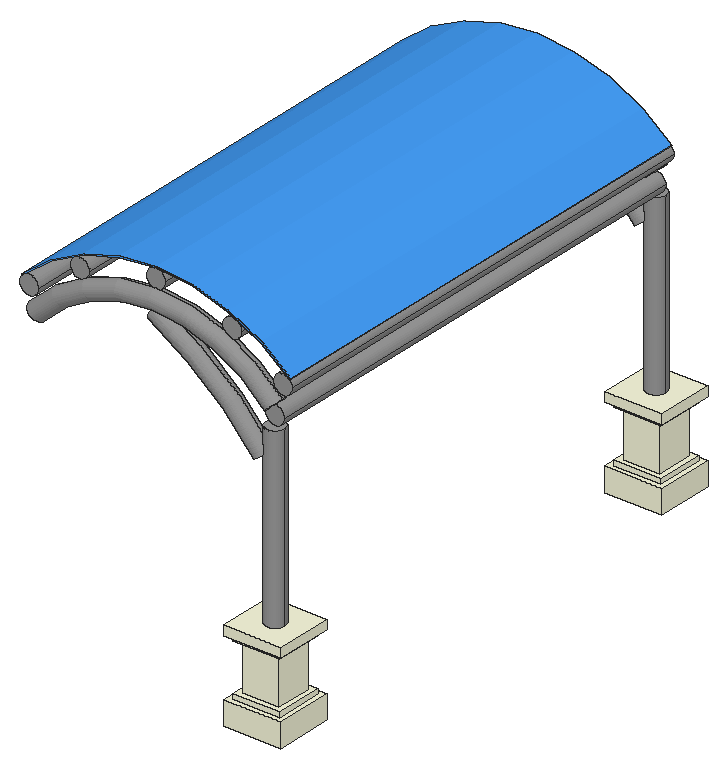
Revit family "linkway", category Site, Revit 2015
Parameters (values of type "1 Bay")
  length (* 5 meter module) = 5000 mm
  NumberOfArcPillar = ([length (* 5 meter module)] / 5000 mm) + 1  # 2
  MY Udemy Course = "https://www.udemy.com/revit-families-basics"
  MY Revit Family = "http://revit.sg"
  Creator = "Gary Lim"  # constant formula
Types (4, lengths in mm): name | length (* 5 meter module) | NumberOfArcPillar
  (no name) | 5000 | 2
  1 Bay | 5000 | 2
  2 Bay | 10000 | 3
  3 Bay | 15000 | 4
Reference planes
  plane 1 "Center (Front/Back)": y = 0
  plane 2: z = 0
  plane 3 "Center (Left/Right)": x = 0
  plane 4: x = -250
  plane 5: y = 250
  plane 6: x = 250
  plane 7: y = -250
  plane 8: x = -190
  plane 9: x = 190
  plane 10: y = 190
  plane 11: y = -190
  plane 12: z = 2800.434
  plane 13: x = 0
  plane 14: z = 2900.434
  plane 15: x = -2500
  plane 16: z = 3554.174
  plane 17: x = -1250
  plane 18: z = 3000.434
  plane 19 "roof_curve": through (0, -1524, 3000.434) normal (-0.7071, 0, 0.7071)
  plane 20: z = 2500.434
  plane 21: through (-671.317, -1524, 3078.373) normal (0.7071, 0, -0.7071)
  plane 22: through (-1250, -1524, 3454.174) normal (0.6428, 0, 0.766)
  plane 23: through (-1198.577, -1524, 3515.458) normal (0.6428, 0, 0.766)
  plane 24 "brace": through (-113.377, -1524, 2500.434) normal (-0.766, 0, 0.6428)
  plane 25: through (-1250, -1524, 3000.434) normal (-0.5736, 0, -0.8192)
  plane 26: through (-1250, -1524, 3000.434) normal (-0.5736, 0, 0.8192)
  plane 27: through (-1968.815, -1524, 3503.753) normal (-0.8192, 0, 0.5736)
  plane 28: through (-2050.73, -1524, 3561.111) normal (-0.8192, 0, 0.5736)
  plane 29: through (-2500, -1524, 3158.798) normal (-0.6428, 0, -0.766)
  plane 30: through (0, -1524, 3158.798) normal (-0.6428, 0, 0.766)
  plane 31 "5000": y = 5000
Forms (mm)
  Extrusion 1, solid, material "concrete"
    sketch origin (-55.737, -50.391, 0) x (1, 0, 0) y (0, 1, 0)
      loop
        line (-244.263, 350.391) -> (-244.263, -249.609) -> (355.737, -249.609) -> (355.737, 350.391) -> (-244.263, 350.391)
    from 0 to 250
  Extrusion 2, solid, material "concrete"
    sketch origin (0, 0, 0) x (1, 0, 0) y (0, 1, 0)
      loop
        line (-250, 250) -> (-250, -250) -> (250, -250) -> (250, 250) -> (-250, 250)
    from 250 to 300
  Extrusion 3, solid, material "concrete"
    sketch origin (0, 0, 0) x (1, 0, 0) y (0, 1, 0)
      loop
        line (-190, 190) -> (-190, -190) -> (190, -190) -> (190, 190) -> (-190, 190)
    from 300 to 800
  Extrusion 4, solid, material "concrete"
    sketch origin (-55.737, -50.391, 850) x (0, -1, 0) y (1, 0, 0)
      loop
        line (-350.391, -244.263) -> (249.609, -244.263) -> (249.609, 355.737) -> (-350.391, 355.737) -> (-350.391, -244.263)
    from 0 to 100
  Extrusion 5, solid, material "concrete"
    sketch origin (0, 0, 850) x (0, -1, 0) y (1, 0, 0)
      loop
        line (-250, -250) -> (250, -250) -> (250, 250) -> (-250, 250) -> (-250, -250)
    from -50 to 0
  Extrusion 6, solid, material "Steel"
    sketch origin (0, 0, 0) x (1, 0, 0) y (0, 1, 0)
      loop
        circle (0, 0) r 100
    from 950 to 2800.434
  Extrusion 7, solid, material "Steel"
    sketch origin (0, 0, 0) x (1, 0, 0) y (0, 0, 1)
      loop
        circle (0, 2900.434) r 100
    from -5000 to 0
  Sweep 8, solid, material "Steel"
    path origin (0, -5000, 0) x (1, 0, 0) y (0, 0, 1)
      loop
        arc (-2500, 3000.434) -> (-1250, 3554.174) -> (0, 3000.434) r 1687.73
    profile origin (-1250, -5000, 3554.174) x (0, 0, 1) y (0, -1, 0)
      loop
        circle (0, -5000) r 100
  Sweep 9, solid, material "Steel"
    path origin (0, -5000, 0) x (1, 0, 0) y (0, 0, 1)
      loop
        arc (-1250, 3454.174) -> (-629.959, 3038.952) -> (-113.377, 2500.434) r 3459.795
    profile origin (-629.959, -5000, 3038.952) x (0.642788, 0, 0.766044) y (0, -1, 0)
      loop
        circle (0, -5000) r 100
  Extrusion 10, solid, material "Steel"
    sketch origin (-1250, 0, 843.136) x (1, 0, 0) y (0, 0, 1)
      loop
        circle (0, 2900.434) r 100
    from -5000 to 0
  Extrusion 11, solid, material "Steel"
    sketch origin (0, 0, 0) x (1, 0, 0) y (0, 0, 1)
      loop
        circle (-2050.73, 3561.111) r 100
    from -5000 to 0
  Extrusion 12, solid, material "Steel"
    sketch origin (-2500, 0, 0) x (-1, 0, 0) y (0, 0, -1)
      loop
        circle (-2050.73, -3561.111) r 100
    from -5000 to 0
  Extrusion 13, solid, material "Steel"
    sketch origin (-531.185, 0, -344.956) x (1, 0, 0) y (0, 0, 1)
      loop
        circle (-2050.73, 3561.111) r 100
    from -5000 to 0
  Extrusion 14, solid, material "Steel"
    sketch origin (-1968.815, 0, -344.956) x (-1, 0, 0) y (0, 0, -1)
      loop
        circle (-2050.73, -3561.111) r 100
    from -5000 to 0
  Extrusion 15, solid, material "Aluminium"
    sketch origin (0, 0, 0) x (1, 0, 0) y (0, 0, 1)
      loop
        arc (-2652.366, 3287.111) -> (-1249.822, 3843.569) -> (152.626, 3286.866) r 2045.325
        line (152.626, 3286.866) -> (161.115, 3295.355)
        arc (161.115, 3295.355) -> (-1249.822, 3855.569) -> (-2660.855, 3295.6) r 2057.325
        line (-2660.855, 3295.6) -> (-2652.366, 3287.111)
    from -5000 to 0
  Extrusion 16, solid, material "concrete"
    sketch origin (-55.737, 4949.609, 0) x (1, 0, 0) y (0, 1, 0)
      loop
        line (-244.263, 350.391) -> (-244.263, -249.609) -> (355.737, -249.609) -> (355.737, 350.391) -> (-244.263, 350.391)
    from 0 to 250
  Extrusion 17, solid, material "concrete"
    sketch origin (0, 5000, 0) x (1, 0, 0) y (0, 1, 0)
      loop
        line (-250, 250) -> (-250, -250) -> (250, -250) -> (250, 250) -> (-250, 250)
    from 250 to 300
  Extrusion 18, solid, material "concrete"
    sketch origin (0, 5000, 0) x (1, 0, 0) y (0, 1, 0)
      loop
        line (-190, 190) -> (-190, -190) -> (190, -190) -> (190, 190) -> (-190, 190)
    from 300 to 800
  Extrusion 19, solid, material "concrete"
    sketch origin (-55.737, 4949.609, 850) x (0, -1, 0) y (1, 0, 0)
      loop
        line (-350.391, -244.263) -> (249.609, -244.263) -> (249.609, 355.737) -> (-350.391, 355.737) -> (-350.391, -244.263)
    from 0 to 100
  Extrusion 20, solid, material "concrete"
    sketch origin (0, 5000, 850) x (0, -1, 0) y (1, 0, 0)
      loop
        line (-250, -250) -> (250, -250) -> (250, 250) -> (-250, 250) -> (-250, -250)
    from -50 to 0
  Extrusion 21, solid, material "Steel"
    sketch origin (0, 5000, 0) x (1, 0, 0) y (0, 1, 0)
      loop
        circle (0, 0) r 100
    from 950 to 2800.434
  Sweep 22, solid, material "Steel"
    path origin (0, 0, 0) x (1, 0, 0) y (0, 0, 1)
      loop
        arc (-2500, 3000.434) -> (-1250, 3554.174) -> (0, 3000.434) r 1687.73
    profile origin (-1250, 0, 3554.174) x (0, 0, 1) y (0, -1, 0)
      loop
        circle (0, -5000) r 100
  Sweep 23, solid, material "Steel"
    path origin (0, 0, 0) x (1, 0, 0) y (0, 0, 1)
      loop
        arc (-1250, 3454.174) -> (-629.959, 3038.952) -> (-113.377, 2500.434) r 3459.795
    profile origin (-629.959, 0, 3038.952) x (0.642788, 0, 0.766044) y (0, -1, 0)
      loop
        circle (0, -5000) r 100
Lines and regions (mm)
  symbolic lines
    curve 1: arc (-2500, 0, 3000.434) -> (-1250, 0, 3554.174) -> (0, 0, 3000.434) r 1687.73
Dimensions and locks
  "length (* 5 meter module)": plane 1 "Center (Front/Back)" to plane 31 "5000"
  group 1 to group 2 = 0 mm  (x2)
  group 1 to group 2 = 5000 mm
  aligned and locked: level to plane 2
  aligned and locked: Extrusion 5 to Extrusion 4
  aligned and locked: Extrusion 6 to Extrusion 4
  aligned and locked: plane 12 to Extrusion 6
  aligned and locked: Extrusion 7 to plane 31 "5000"
  aligned and locked: Extrusion 13 to plane 31 "5000"
  aligned and locked: Extrusion 15 to plane 31 "5000"
  aligned and locked: Extrusion 10 to plane 31 "5000"
  aligned and locked: Extrusion 11 to plane 31 "5000"
  aligned and locked: Extrusion 14 to plane 31 "5000"
  aligned and locked: Extrusion 12 to plane 31 "5000"
  aligned and locked: Extrusion 20 to Extrusion 19
  aligned and locked: Extrusion 21 to Extrusion 19
Automatic sketch dimensions
  curve 1 to plane 15 = 0 mm
  curve 1 to plane 17 = 0 mm
  curve 1 to plane 3 "Center (Left/Right)" = 0 mm
  curve 1 to plane 18 = 0 mm
  curve 1 to plane 20 = 633.99 mm
  Extrusion 7 sketch curve to plane 3 "Center (Left/Right)" = 0 mm
  Extrusion 7 sketch curve to plane 14 = 0 mm
  profile plane to Sweep 8 sketch curve = 0 mm
  Sweep 9 sketch curve to profile plane = 0 mm
  Extrusion 10 sketch curve to plane 17 = 0 mm
  plane 16 to Extrusion 10 sketch curve = 189.395 mm
  plane 25 to Extrusion 11 sketch curve = 0 mm
  plane 28 to Extrusion 11 sketch curve = 0 mm
  plane 26 to Extrusion 12 sketch curve = 0 mm
  Extrusion 12 sketch curve to plane 16 = 6.937 mm
  Extrusion 13 sketch curve to plane 15 = 81.915 mm
  Extrusion 13 sketch curve to plane 18 = 215.722 mm
  Extrusion 14 sketch curve to plane 3 "Center (Left/Right)" = 81.915 mm
  plane 18 to Extrusion 14 sketch curve = 215.722 mm
  Extrusion 15 sketch curve to Extrusion 15 sketch curve = 0 mm  (x2)
  Extrusion 15 sketch curve to plane 17 = 0 mm
  Extrusion 15 sketch curve to plane 30 = 0 mm
  Extrusion 15 sketch curve to plane 15 = 152.366 mm
  Extrusion 15 sketch curve to Extrusion 15 sketch curve = 8.489 mm  (x3)
  plane 9 to Extrusion 15 sketch curve = 37.374 mm
  Extrusion 15 sketch curve to plane 20 = 702.189 mm
  Extrusion 1 sketch curve to Extrusion 1 sketch curve = 600 mm  (x2)
  Extrusion 2 sketch curve to Extrusion 2 sketch curve = 500 mm  (x2)
  Extrusion 3 sketch curve to Extrusion 3 sketch curve = 380 mm  (x2)
  Extrusion 4 sketch curve to Extrusion 4 sketch curve = 600 mm  (x2)
  Extrusion 5 sketch curve to Extrusion 5 sketch curve = 500 mm  (x2)
  Sweep 8 sketch curve to Sweep 8 sketch curve = 1250 mm  (x2)
  Sweep 8 sketch curve to Sweep 8 sketch curve = 1133.99 mm
  Sweep 8 sketch curve to profile plane = 5000 mm
  Sweep 9 sketch curve to Sweep 9 sketch curve = 1603.873 mm
  Sweep 9 sketch curve to Sweep 9 sketch curve = 1136.623 mm
  Sweep 9 sketch curve to Sweep 9 sketch curve = 2111.838 mm
  Sweep 9 sketch curve to profile plane = 5000 mm
  profile plane to Sweep 22 sketch curve = 0 mm
  Sweep 23 sketch curve to profile plane = 0 mm
  Extrusion 16 sketch curve to Extrusion 16 sketch curve = 600 mm  (x2)
  Extrusion 17 sketch curve to Extrusion 17 sketch curve = 500 mm  (x2)
  Extrusion 18 sketch curve to Extrusion 18 sketch curve = 380 mm  (x2)
  Extrusion 19 sketch curve to Extrusion 19 sketch curve = 600 mm  (x2)
  Extrusion 20 sketch curve to Extrusion 20 sketch curve = 500 mm  (x2)
  Sweep 22 sketch curve to Sweep 22 sketch curve = 1250 mm  (x2)
  Sweep 22 sketch curve to Sweep 22 sketch curve = 1133.99 mm
  Sweep 22 sketch curve to profile plane = 5000 mm
  Sweep 23 sketch curve to Sweep 23 sketch curve = 1603.873 mm
  Sweep 23 sketch curve to Sweep 23 sketch curve = 1136.623 mm
  Sweep 23 sketch curve to Sweep 23 sketch curve = 2111.838 mm
  Sweep 23 sketch curve to profile plane = 5000 mm
  radius of Extrusion 6 sketch curve = 100 mm
  radius of Extrusion 7 sketch curve = 100 mm
  radius of Sweep 8 sketch curve = 100 mm
  radius of Sweep 9 sketch curve = 100 mm
  radius of Extrusion 10 sketch curve = 100 mm
  radius of Extrusion 11 sketch curve = 100 mm
  radius of Extrusion 12 sketch curve = 100 mm
  radius of Extrusion 13 sketch curve = 100 mm
  radius of Extrusion 14 sketch curve = 100 mm
  radius of Extrusion 21 sketch curve = 100 mm
  radius of Sweep 22 sketch curve = 100 mm
  radius of Sweep 23 sketch curve = 100 mm
